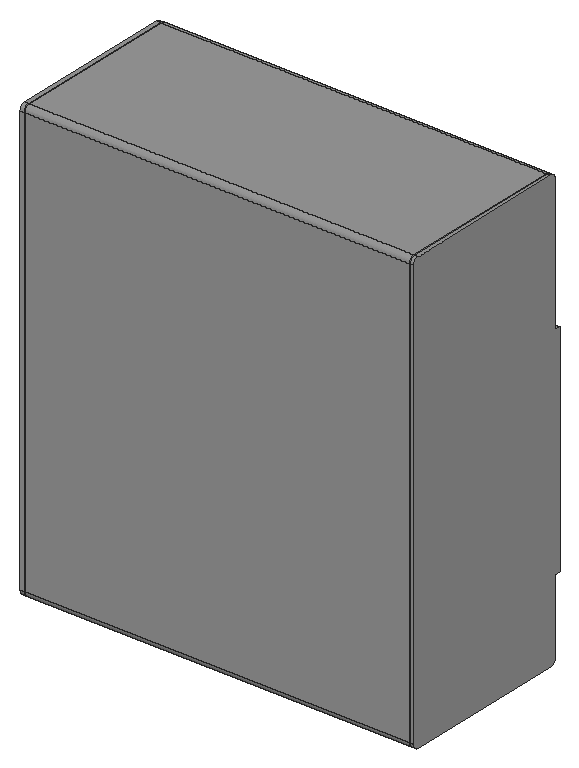
Revit family "L&L_LUCE&LIGHT_PASITO_1.0", category Lighting Fixtures, host Wall, Revit 2018 (continued)
Types (2, lengths in mm): name | Photometric Web File | built-in parameter 1150142
    0 0.00 0.00 0.00 0.00 0.00 0.00 0.00 0.00 \r\n0.00 0.00 0.00 0.00 0.00 0.00 0.00 0.00 0.00 0.00 0.00 \r\n0.00 0.00 0.00 0.00 0.00 0.00 0.00 0.00 0.00 0.00 0.00 \r\n0.00 0.00 0.00 0.00 0.00 0.00 0.00 0.00 0.00 0.00 0.00 \r\n0.00 0.00 0.00 0.00 0.00 0.00 0.00 0.00 0.00 0.00 0.00 \r\n0.00 0.00 0.00 0.00 0.00 0.00 0.00 0.00 0.00 0.00 0.00 \r\n0.00 0.00 0.00 0.00 0.00 \r\n0.00 0.00 0.00 0.00 0.00 0.00 0.00 0.00 0.00 0.00 0.00 \r\n0.00 0.00 0.00 0.00 0.00 0.00 0.00 0.00 0.00 0.00 0.00 \r\n0.00 0.00 0.00 0.00 0.00 0.00 0.00 0.00 0.00 0.00 0.00 \r\n0.00 0.00 0.00 0.00 0.00 0.00 0.00 0.00 0.00 0.00 0.00 \r\n0.00 0.00 0.00 0.00 0.00 0.00 0.00 0.00 0.00 0.00 0.00 \r\n0.00 0.00 0.00 0.00 0.00 0.00 0.00 0.00 0.00 0.00 0.00 \r\n0.00 0.00 0.00 0.00 0.00 0.00 0.00 0.00 0.00 0.00 0.00 \r\n0.00 0.00 0.00 0.00 0.00 0.00 0.00 0.00 0.00 0.00 0.00 \r\n0.00 0.00 0.00 0.00 0.00 0.00 0.00 0.00 0.00 0.00 0.00 \r\n0.00 0.00 0.00 0.00 0.00 0.00 0.00 0.00 0.00 0.00 0.00 \r\n0.00 0.00 0.00 0.00 0.00 0.00 0.00 0.00 0.00 0.00 0.00 \r\n0.00 0.00 0.00 0.00 0.00 0.00 0.00 0.00 0.00 0.00 0.00 \r\n0.00 0.00 0.00 0.00 0.00 0.00 0.00 0.00 0.00 0.00 0.00 \r\n0.00 0.00 0.00 0.00 0.00 0.00 0.00 0.00 0.00 0.00 0.00 \r\n0.00 0.00 0.00 0.00 0.00 0.00 0.00 0.00 0.00 0.00 0.00 \r\n0.00 0.00 0.00 0.00 0.00 0.00 0.00 0.00 0.00 0.00 0.00 \r\n0.00 0.00 0.00 0.00 0.00 \r\n0.00 0.00 0.00 0.00 0.00 0.00 0.00 0.00 0.00 0.00 0.00 \r\n0.00 0.00 0.00 0.00 0.00 0.00 0.00 0.00 0.00 0.00 0.00 \r\n0.00 0.00 0.00 0.00 0.00 0.00 0.00 0.00 0.00 0.00 0.00 \r\n0.00 0.00 0.00 0.00 0.00 0.00 0.00 0.00 0.00 0.00 0.00 \r\n0.00 0.00 0.00 0.00 0.00 0.00 0.00 0.00 0.00 0.00 0.00 \r\n0.00 0.00 0.00 0.00 0.00 0.00 0.00 0.00 0.00 0.00 0.00 \r\n0.00 0.00 0.00 0.00 0.00 0.00 0.00 0.00 0.00 0.00 0.00 \r\n0.00 0.00 0.00 0.00 0.00 0.00 0.00 0.00 0.00 0.00 0.00 \r\n0.00 0.00 0.00 0.00 0.00 0.00 0.00 0.00 0.00 0.00 0.00 \r\n0.00 0.00 0.00 0.00 0.00 0.00 0.00 0.00 0.00 0.00 0.00 \r\n0.00 0.00 0.00 0.00 0.00 0.00 0.00 0.00 0.00 0.00 0.00 \r\n0.00 0.00 0.00 0.00 0.00 0.00 0.00 0.00 0.00 0.00 0.00 \r\n0.00 0.00 0.00 0.00 0.00 0.00 0.00 0.00 0.00 0.00 0.00 \r\n0.00 0.00 0.00 0.00 0.00 0.00 0.00 0.00 0.00 0.00 0.00 \r\n0.00 0.00 0.00 0.00 0.00 0.00 0.00 0.00 0.00 0.00 0.00 \r\n0.00 0.00 0.00 0.00 0.00 0.00 0.00 0.00 0.00 0.00 0.00 \r\n0.00 0.00 0.00 0.00 0.00 \r\n0.00 0.00 0.00 0.00 0.00 0.00 0.00 0.00 0.00 0.00 0.00 \r\n0.00 0.00 0.00 0.00 0.00 0.00 0.00 0.00 0.00 0.00 0.00 \r\n0.00 0.00 0.00 0.00 0.00 0.00 0.00 0.00 0.00 0.00 0.00 \r\n0.00 0.00 0.00 0.00 0.00 0.00 0.00 0.00 0.00 0.00 0.00 \r\n0.00 0.00 0.00 0.00 0.00 0.00 0.00 0.00 0.00 0.00 0.00 \r\n0.00 0.00 0.00 0.00 0.00 0.00 0.00 0.00 0.00 0.00 0.00 \r\n0.00 0.00 0.00 0.00 0.00 0.00 0.00 0.00 0.00 0.00 0.00 \r\n0.00 0.00 0.00 0.00 0.00 0.00 0.00 0.00 0.00 0.00 0.00 \r\n0.00 0.00 0.00 0.00 0.00 0.00 0.00 0.00 0.00 0.00 0.00 \r\n0.00 0.00 0.00 0.00 0.00 0.00 0.00 0.00 0.00 0.00 0.00 \r\n0.00 0.00 0.00 0.00 0.00 0.00 0.00 0.00 0.00 0.00 0.00 \r\n0.00 0.00 0.00 0.00 0.00 0.00 0.00 0.00 0.00 0.00 0.00 \r\n0.00 0.00 0.00 0.00 0.00 0.00 0.00 0.00 0.00 0.00 0.00 \r\n0.00 0.00 0.00 0.00 0.00 0.00 0.00 0.00 0.00 0.00 0.00 \r\n0.00 0.00 0.00 0.00 0.00 0.00 0.00 0.00 0.00 0.00 0.00 \r\n0.00 0.00 0.00 0.00 0.00 0.00 0.00 0.00 0.00 0.00 0.00 \r\n0.00 0.00 0.00 0.00 0.00 \r\n0.00 0.00 0.00 0.00 0.00 0.00 0.00 0.00 0.00 0.00 0.00 \r\n0.00 0.00 0.00 0.00 0.00 0.00 0.00 0.00 0.00 0.00 0.00 \r\n0.00 0.00 0.00 0.00 0.00 0.00 0.00 0.00 0.00 0.00 0.00 \r\n0.00 0.00 0.00 0.00 0.00 0.00 0.00 0.00 0.00 0.00 0.00 \r\n0.00 0.00 0.00 0.00 0.00 0.00 0.00 0.00 0.00 0.00 0.00 \r\n0.00 0.00 0.00 0.00 0.00 0.00 0.00 0.00 0.00 0.00 0.00 \r\n0.00 0.00 0.00 0.00 0.00 0.00 0.00 0.00 0.00 0.00 0.00 \r\n0.00 0.00 0.00 0.00 0.00 0.00 0.00 0.00 0.00 0.00 0.00 \r\n0.00 0.00 0.00 0.00 0.00 0.00 0.00 0.00 0.00 0.00 0.00 \r\n0.00 0.00 0.00 0.00 0.00 0.00 0.00 0.00 0.00 0.00 0.00 \r\n0.00 0.00 0.00 0.00 0.00 0.00 0.00 0.00 0.00 0.00 0.00 \r\n0.00 0.00 0.00 0.00 0.00 0.00 0.00 0.00 0.00 0.00 0.00 \r\n0.00 0.00 0.00 0.00 0.00 0.00 0.00 0.00 0.00 0.00 0.00 \r\n0.00 0.00 0.00 0.00 0.00 0.00 0.00 0.00 0.00 0.00 0.00 \r\n0.00 0.00 0.00 0.00 0.00 0.00 0.00 0.00 0.00 0.00 0.00 \r\n0.00 0.00 0.00 0.00 0.00 0.00 0.00 0.00 0.00 0.00 0.00 \r\n0.00 0.00 0.00 0.00 0.00 \r\n0.00 0.00 0.00 0.00 0.00 0.00 0.00 0.00 0.00 0.00 0.00 \r\n0.00 0.00 0.00 0.00 0.00 0.00 0.00 0.00 0.00 0.00 0.00 \r\n0.00 0.01 0.01 0.01 0.01 0.01 0.01 0.01 0.01 0.01 0.01 \r\n0.02 0.02 0.02 0.01 0.03 0.03 0.04 0.04 0.05 0.04 0.05 \r\n0.06 0.06 0.07 0.07 0.08 0.09 0.09 0.10 0.10 0.11 0.11 \r\n0.12 0.13 0.15 0.16 0.18 0.19 0.21 0.22 0.23 0.25 0.26 \r\n0.27 0.28 0.29 0.30 0.31 0.31 0.31 0.32 0.32 0.32 0.32 \r\n0.32 0.32 0.31 0.31 0.09 0.12 0.14 0.16 0.15 0.12 0.08 \r\n0.27 0.26 0.25 0.09 0.15 0.17 0.17 0.15 0.14 0.14 0.13 \r\n0.12 0.11 0.11 0.10 0.09 0.08 0.08 0.07 0.07 0.06 0.06 \r\n0.05 0.05 0.05 0.04 0.04 0.04 0.04 0.03 0.03 0.03 0.03 \r\n0.03 0.03 0.03 0.02 0.02 0.02 0.02 0.02 0.02 0.02 0.02 \r\n0.02 0.02 0.02 0.02 0.02 0.02 0.02 0.02 0.02 0.02 0.02 \r\n0.02 0.02 0.02 0.02 0.02 0.02 0.02 0.02 0.02 0.02 0.02 \r\n0.02 0.02 0.02 0.01 0.01 0.01 0.01 0.01 0.01 0.01 0.01 \r\n0.01 0.01 0.01 0.01 0.01 0.01 0.01 0.01 0.01 0.01 0.01 \r\n0.01 0.01 0.01 0.01 0.00 \r\n0.00 0.00 0.00 0.00 0.00 0.00 0.01 0.01 0.01 0.01 0.01 \r\n0.01 0.02 0.02 0.02 0.02 0.02 0.02 0.03 0.03 0.04 0.05 \r\n0.05 0.05 0.06 0.07 0.08 0.10 0.12 0.13 0.14 0.16 0.17 \r\n0.20 0.23 0.29 0.31 0.30 0.38 0.45 0.38 0.49 0.49 0.57 \r\n0.61 0.66 0.70 0.75 0.81 0.87 0.94 1.00 1.07 1.14 1.21 \r\n1.30 1.39 1.49 1.59 1.71 1.84 1.98 2.12 2.26 2.40 2.53 \r\n2.63 2.71 2.78 2.83 2.54 2.78 3.07 2.96 2.97 2.97 2.94 \r\n2.90 2.85 2.80 2.74 2.68 2.62 2.57 2.51 2.45 2.38 2.31 \r\n2.23 2.14 2.12 2.01 1.89 1.80 1.66 1.58 1.47 1.37 1.27 \r\n1.17 1.07 0.97 0.87 0.78 0.70 0.62 0.56 0.50 0.46 0.42 \r\n0.39 0.36 0.33 0.31 0.29 0.27 0.25 0.24 0.23 0.22 0.21 \r\n0.21 0.20 0.19 0.19 0.18 0.18 0.18 0.17 0.17 0.17 0.17 \r\n0.17 0.17 0.16 0.16 0.16 0.16 0.17 0.17 0.17 0.17 0.17 \r\n0.17 0.17 0.17 0.17 0.17 0.17 0.17 0.17 0.17 0.16 0.16 \r\n0.15 0.15 0.14 0.14 0.13 0.12 0.12 0.11 0.10 0.09 0.09 \r\n0.08 0.07 0.06 0.05 0.05 0.05 0.04 0.04 0.03 0.03 0.02 \r\n0.02 0.01 0.01 0.01 0.00 \r\n0.00 0.00 0.00 0.00 0.01 0.01 0.01 0.01 0.02 0.02 0.02 \r\n0.02 0.03 0.04 0.06 0.07 0.09 0.11 0.13 0.15 0.18 0.20 \r\n0.23 0.25 0.28 0.30 0.32 0.34 0.35 0.38 0.41 0.47 0.49 \r\n0.55 0.60 0.66 0.66 0.79 0.87 0.95 1.04 1.13 1.24 1.35 \r\n1.47 1.60 1.73 1.87 2.01 2.16 2.31 2.46 2.62 2.78 3.00 \r\n3.21 3.37 3.58 3.79 4.01 4.22 4.45 4.68 4.89 5.08 5.24 \r\n5.39 5.55 5.68 5.79 6.04 6.32 6.61 6.88 7.16 7.49 8.29 \r\n9.38 10.59 11.94 13.45 15.12 16.81 18.21 18.95 18.64 \r\n16.98 14.20 10.82 7.45 4.48 4.08 3.68 2.84 2.77 2.54 2.39 \r\n2.24 2.10 1.96 1.82 1.68 1.55 1.42 1.29 1.18 1.07 0.98 \r\n0.89 0.81 0.75 0.69 0.64 0.60 0.56 0.52 0.49 0.47 0.44 \r\n0.42 0.40 0.39 0.37 0.36 0.35 0.34 0.33 0.33 0.32 0.32 \r\n0.31 0.31 0.30 0.30 0.30 0.30 0.30 0.30 0.30 0.30 0.29 \r\n0.29 0.29 0.29 0.29 0.28 0.28 0.28 0.28 0.27 0.27 0.27 \r\n0.26 0.26 0.26 0.25 0.25 0.25 0.24 0.24 0.23 0.23 0.22 \r\n0.21 0.20 0.19 0.18 0.16 0.15 0.13 0.11 0.10 0.09 0.07 \r\n0.06 0.05 0.03 0.02 0.01 0.01 0.00 \r\n0.00 0.00 0.00 0.01 0.01 0.01 0.02 0.02 0.03 0.03 0.05 \r\n0.07 0.09 0.12 0.15 0.18 0.21 0.23 0.25 0.27 0.29 0.31 \r\n0.33 0.36 0.39 0.41 0.44 0.49 0.55 0.59 0.69 0.78 0.88 \r\n1.00 1.13 1.27 1.42 1.58 1.78 2.07 2.42 2.81 4.84 6.06 \r\n9.94 12.99 14.50 15.32 17.24 19.01 19.04 18.01 17.15 \r\n16.59 17.96 20.12 20.64 21.70 22.92 23.49 23.88 25.82 \r\n27.89 29.35 30.39 32.56 35.50 38.34 41.16 44.25 51.60 \r\n61.08 61.98 75.11 89.33 103.98 120.70 138.37 156.77 \r\n177.16 201.15 229.97 260.80 287.06 301.30 295.59 263.77 \r\n210.58 146.55 83.06 31.79 21.74 14.42 9.20 5.49 3.05 2.83 \r\n2.61 2.39 2.18 2.00 1.89 1.78 1.67 1.56 1.47 1.39 1.29 \r\n1.20 1.10 1.00 0.92 0.86 0.82 0.78 0.73 0.69 0.66 0.63 \r\n0.60 0.58 0.55 0.53 0.51 0.50 0.48 0.47 0.46 0.45 0.44 \r\n0.43 0.42 0.42 0.41 0.41 0.40 0.40 0.39 0.39 0.38 0.38 \r\n0.37 0.37 0.36 0.36 0.35 0.35 0.34 0.34 0.33 0.32 0.32 \r\n0.31 0.30 0.30 0.29 0.28 0.28 0.27 0.26 0.26 0.25 0.25 \r\n0.24 0.24 0.23 0.23 0.22 0.22 0.20 0.19 0.17 0.15 0.13 \r\n0.10 0.08 0.05 0.03 0.01 0.01 0.00 \r\n0.00 0.00 0.01 0.01 0.01 0.02 0.02 0.04 0.05 0.08 0.12 \r\n0.15 0.18 0.20 0.21 0.23 0.24 0.27 0.29 0.32 0.34 0.38 \r\n0.42 0.47 0.52 0.62 0.70 0.84 0.94 1.08 1.24 1.40 1.54 \r\n1.81 2.14 2.73 4.16 5.13 11.12 19.57 29.80 49.53 73.10 \r\n99.04 118.35 127.32 133.77 138.06 142.06 145.92 149.48 \r\n152.74 156.27 159.62 163.19 167.54 171.76 176.64 182.10 \r\n187.87 193.77 200.44 207.70 215.47 223.58 232.32 241.57 \r\n251.29 261.70 273.06 286.41 301.44 318.05 335.76 354.03 \r\n372.04 406.31 423.04 441.76 466.01 499.27 544.92 597.97 \r\n643.25 665.05 648.02 579.75 469.05 337.70 207.63 100.63 \r\n62.23 36.15 19.34 8.83 3.55 3.23 2.91 2.60 2.27 2.08 1.96 \r\n1.85 1.73 1.62 1.54 1.46 1.38 1.30 1.22 1.16 1.10 1.04 \r\n0.99 0.93 0.87 0.83 0.80 0.77 0.74 0.71 0.68 0.66 0.64 \r\n0.62 0.60 0.59 0.57 0.56 0.55 0.53 0.52 0.51 0.51 0.50 \r\n0.49 0.48 0.47 0.46 0.45 0.45 0.44 0.43 0.43 0.42 0.41 \r\n0.40 0.39 0.38 0.37 0.36 0.36 0.35 0.34 0.33 0.32 0.32 \r\n0.31 0.30 0.29 0.29 0.28 0.27 0.26 0.26 0.25 0.24 0.24 \r\n0.23 0.23 0.22 0.21 0.20 0.17 0.15 0.11 0.07 0.04 0.02 \r\n0.01 0.00 \r\n0.00 0.00 0.01 0.01 0.02 0.03 0.04 0.07 0.11 0.15 0.17 \r\n0.19 0.20 0.21 0.24 0.26 0.29 0.32 0.35 0.40 0.47 0.54 \r\n0.62 0.74 0.86 0.97 1.14 1.33 1.52 1.75 2.11 2.87 2.94 \r\n7.59 16.45 28.96 52.11 77.44 101.16 112.34 122.16 130.28 \r\n136.31 141.47 144.79 147.43 150.30 153.60 157.20 161.00 \r\n161.97 164.85 169.54 174.58 179.93 185.72 195.58 201.79 \r\n207.84 213.61 219.30 224.96 233.09 239.67 246.65 251.38 \r\n258.49 265.70 273.05 280.76 289.00 297.92 307.55 317.73 \r\n327.91 337.86 347.27 355.88 363.92 371.29 377.55 381.93 \r\n383.66 378.07 360.45 326.59 272.33 202.77 128.58 70.69 \r\n17.51 14.58 11.67 8.13 5.66 3.86 3.48 3.09 2.71 2.34 2.17 \r\n2.03 1.90 1.75 1.64 1.57 1.50 1.43 1.35 1.29 1.24 1.19 \r\n1.13 1.08 1.05 1.01 0.97 0.92 0.88 0.84 0.81 0.78 0.76 \r\n0.74 0.72 0.70 0.68 0.66 0.64 0.63 0.61 0.60 0.59 0.57 \r\n0.56 0.55 0.54 0.53 0.52 0.51 0.50 0.49 0.48 0.47 0.46 \r\n0.46 0.45 0.44 0.42 0.41 0.40 0.39 0.38 0.37 0.36 0.35 \r\n0.34 0.33 0.32 0.32 0.31 0.30 0.29 0.28 0.27 0.27 0.26 \r\n0.25 0.24 0.23 0.23 0.23 0.22 0.21 0.18 0.15 0.10 0.05 \r\n0.02 0.01 0.00 \r\n0.00 0.00 0.01 0.01 0.02 0.04 0.07 0.12 0.16 0.18 0.19 \r\n0.20 0.22 0.25 0.27 0.30 0.34 0.40 0.48 0.57 0.67 0.79 \r\n0.95 1.08 1.30 1.48 1.69 2.16 2.98 4.30 12.17 27.35 53.62 \r\n81.96 98.76 109.23 116.20 121.09 124.83 126.13 126.75 \r\n129.17 131.14 133.65 137.44 141.22 145.04 148.98 153.21 \r\n157.86 162.95 168.11 173.06 177.80 181.67 187.00 191.07 \r\n195.88 200.82 205.94 211.08 216.10 220.85 225.35 229.78 \r\n234.29 238.98 243.79 248.70 253.77 259.03 264.34 269.42 \r\n274.02 278.12 282.14 286.70 292.57 297.98 301.43 301.45 \r\n298.21 281.73 252.98 216.26 175.02 132.67 91.73 56.10 \r\n27.72 7.37 6.66 5.94 5.22 4.38 4.03 3.70 3.37 3.03 2.72 \r\n2.53 2.36 2.19 2.02 1.93 1.84 1.76 1.67 1.56 1.46 1.40 \r\n1.36 1.33 1.29 1.23 1.17 1.11 1.05 1.00 0.96 0.92 0.89 \r\n0.86 0.83 0.80 0.78 0.75 0.73 0.71 0.69 0.67 0.66 0.64 \r\n0.63 0.62 0.60 0.59 0.58 0.57 0.55 0.54 0.53 0.52 0.51 \r\n0.50 0.49 0.48 0.47 0.45 0.44 0.43 0.42 0.41 0.40 0.39 \r\n0.37 0.37 0.36 0.35 0.34 0.33 0.32 0.31 0.30 0.29 0.28 \r\n0.27 0.26 0.25 0.25 0.24 0.23 0.23 0.22 0.20 0.17 0.13 \r\n0.07 0.03 0.01 0.00 \r\n0.00 0.00 0.01 0.02 0.03 0.06 0.11 0.16 0.18 0.19 0.20 \r\n0.22 0.25 0.27 0.31 0.37 0.45 0.55 0.66 0.79 0.94 1.09 \r\n1.21 1.54 1.80 2.40 3.36 11.17 29.12 56.84 83.80 97.60 \r\n106.03 110.61 112.69 114.00 114.34 115.21 117.52 120.33 \r\n122.49 124.66 127.62 130.71 133.80 137.72 142.05 146.29 \r\n150.36 154.37 158.38 162.78 166.84 171.03 175.16 179.20 \r\n182.82 187.61 191.78 195.72 199.38 202.95 206.57 210.30 \r\n214.12 217.86 221.52 225.15 228.90 232.84 236.94 240.82 \r\n244.04 246.18 246.77 246.42 246.25 247.44 249.07 248.81 \r\n246.75 241.14 224.58 187.35 141.67 95.68 57.79 37.56 \r\n23.54 14.55 6.19 5.76 5.26 4.90 4.46 4.15 3.87 3.62 3.37 \r\n3.07 2.83 2.67 2.55 2.44 2.31 2.20 2.09 1.98 1.89 1.80 \r\n1.73 1.66 1.59 1.52 1.44 1.37 1.30 1.24 1.18 1.12 1.07 \r\n1.02 0.98 0.94 0.90 0.86 0.83 0.81 0.78 0.76 0.73 0.71 \r\n0.69 0.67 0.66 0.64 0.63 0.61 0.60 0.58 0.57 0.56 0.55 \r\n0.53 0.52 0.51 0.50 0.49 0.48 0.46 0.45 0.44 0.43 0.42 \r\n0.40 0.39 0.38 0.37 0.36 0.35 0.34 0.33 0.32 0.31 0.30 \r\n0.29 0.28 0.27 0.26 0.25 0.25 0.24 0.23 0.23 0.22 0.19 \r\n0.15 0.09 0.04 0.01 0.00 \r\n0.00 0.00 0.01 0.02 0.04 0.08 0.14 0.17 0.18 0.20 0.22 \r\n0.25 0.28 0.32 0.39 0.49 0.60 0.72 0.88 1.05 1.24 1.51 \r\n1.80 2.43 4.24 14.06 40.52 72.19 87.91 97.36 102.17 \r\n103.47 104.14 104.85 106.34 108.66 111.16 113.38 115.57 \r\n117.21 119.06 121.62 124.56 127.64 130.90 134.03 137.14 \r\n140.34 143.58 147.04 150.81 154.51 158.14 161.75 164.93 \r\n167.54 169.77 171.97 174.51 177.51 180.73 184.10 187.63 \r\n191.23 194.71 198.10 201.43 204.78 208.06 211.14 213.87 \r\n216.08 217.62 218.52 218.99 219.42 219.98 220.06 217.96 \r\n211.43 200.02 182.09 156.94 122.38 83.81 47.36 19.49 \r\n14.05 11.64 8.80 5.49 5.23 4.88 4.55 4.24 4.01 3.79 3.56 \r\n3.38 3.25 3.08 2.88 2.69 2.53 2.40 2.30 2.20 2.12 2.04 \r\n1.96 1.88 1.80 1.73 1.65 1.57 1.51 1.44 1.37 1.31 1.25 \r\n1.19 1.13 1.08 1.03 0.99 0.95 0.91 0.88 0.84 0.81 0.78 \r\n0.76 0.73 0.71 0.69 0.67 0.65 0.64 0.62 0.60 0.59 0.58 \r\n0.56 0.55 0.54 0.52 0.51 0.50 0.49 0.48 0.47 0.46 0.44 \r\n0.43 0.42 0.41 0.40 0.39 0.37 0.36 0.35 0.34 0.33 0.32 \r\n0.31 0.30 0.29 0.28 0.27 0.26 0.26 0.25 0.24 0.23 0.22 \r\n0.20 0.16 0.11 0.04 0.01 0.00 \r\n0.00 0.00 0.01 0.02 0.05 0.11 0.16 0.18 0.20 0.22 0.24 \r\n0.27 0.32 0.39 0.50 0.62 0.75 0.93 1.13 1.37 1.68 1.99 \r\n4.32 11.65 39.52 69.13 85.62 91.46 93.49 94.64 95.52 \r\n97.35 99.73 102.40 104.98 106.82 108.23 109.77 111.73 \r\n113.84 116.07 118.47 120.96 123.56 125.60 127.45 130.26 \r\n133.28 136.21 139.34 142.55 145.45 147.94 150.12 151.86 \r\n153.23 154.66 156.40 158.35 160.48 162.80 165.27 167.78 \r\n170.36 173.10 175.88 178.65 181.43 184.22 186.89 189.08 \r\n190.46 190.70 189.94 189.10 189.24 190.21 190.22 188.54 \r\n183.41 166.82 139.31 106.90 74.90 47.08 25.48 11.05 6.36 \r\n5.67 5.17 4.80 4.59 4.35 4.10 3.74 3.47 3.37 3.29 3.21 \r\n3.07 2.91 2.74 2.60 2.48 2.38 2.28 2.19 2.11 2.03 1.95 \r\n1.88 1.81 1.75 1.68 1.62 1.55 1.49 1.43 1.36 1.30 1.24 \r\n1.19 1.14 1.09 1.04 1.00 0.96 0.92 0.88 0.85 0.82 0.79 \r\n0.77 0.74 0.72 0.69 0.68 0.66 0.64 0.62 0.61 0.59 0.58 \r\n0.56 0.55 0.54 0.53 0.51 0.50 0.49 0.48 0.46 0.45 0.44 \r\n0.43 0.42 0.41 0.40 0.38 0.37 0.36 0.35 0.34 0.33 0.32 \r\n0.31 0.30 0.29 0.28 0.27 0.26 0.25 0.24 0.24 0.23 0.21 \r\n0.18 0.12 0.05 0.01 0.00 \r\n0.00 0.01 0.01 0.03 0.06 0.13 0.17 0.18 0.21 0.23 0.26 \r\n0.31 0.38 0.49 0.61 0.75 0.94 1.15 1.39 1.67 2.30 5.33 \r\n25.22 57.94 80.34 86.43 87.78 88.67 89.91 90.73 92.21 \r\n94.59 97.11 98.82 100.27 101.87 103.86 105.89 107.82 \r\n109.89 112.27 114.21 115.63 117.54 119.98 122.50 125.01 \r\n127.60 130.03 132.13 133.83 135.27 136.43 137.33 138.34 \r\n139.47 140.74 142.16 143.58 144.89 146.12 147.56 149.46 \r\n151.73 153.94 155.91 157.77 159.45 160.93 162.20 163.05 \r\n163.34 163.46 163.65 164.31 165.30 165.61 163.27 156.61 \r\n144.15 123.99 96.44 66.21 38.87 21.50 12.89 7.81 5.10 \r\n4.66 4.39 4.19 3.97 3.78 3.62 3.44 3.26 3.11 2.98 2.86 \r\n2.75 2.64 2.54 2.44 2.34 2.24 2.14 2.06 1.98 1.91 1.85 \r\n1.80 1.75 1.69 1.63 1.58 1.52 1.46 1.41 1.36 1.30 1.25 \r\n1.20 1.16 1.12 1.07 1.02 0.98 0.95 0.91 0.87 0.84 0.81 \r\n0.79 0.76 0.73 0.71 0.69 0.67 0.65 0.63 0.62 0.60 0.58 \r\n0.57 0.56 0.54 0.53 0.52 0.51 0.50 0.49 0.47 0.46 0.45 \r\n0.44 0.43 0.42 0.40 0.39 0.38 0.37 0.36 0.35 0.34 0.33 \r\n0.32 0.31 0.30 0.29 0.28 0.27 0.26 0.25 0.24 0.23 0.22 \r\n0.19 0.13 0.06 0.01 0.00 \r\n0.00 0.01 0.02 0.03 0.08 0.15 0.17 0.19 0.22 0.24 0.28 \r\n0.36 0.45 0.58 0.73 0.92 1.13 1.36 1.69 2.75 8.32 31.02 \r\n67.67 81.15 83.51 85.07 86.42 86.36 86.72 88.42 90.50 \r\n91.90 93.14 94.37 95.92 97.89 99.62 101.54 103.94 105.85 \r\n107.06 108.72 110.98 113.15 115.28 117.41 119.32 121.01 \r\n122.65 123.89 124.84 125.65 126.29 126.98 127.77 128.51 \r\n129.37 130.54 131.77 132.83 133.70 134.67 135.89 137.15 \r\n138.41 139.60 140.57 141.37 141.90 142.23 142.56 142.83 \r\n142.96 143.03 143.28 143.83 143.92 140.71 131.42 114.00 \r\n90.56 64.82 40.79 21.40 9.10 6.72 5.58 4.41 4.12 3.89 \r\n3.65 3.32 3.24 3.21 3.10 2.94 2.78 2.66 2.56 2.47 2.38 \r\n2.30 2.22 2.14 2.07 1.99 1.91 1.83 1.77
